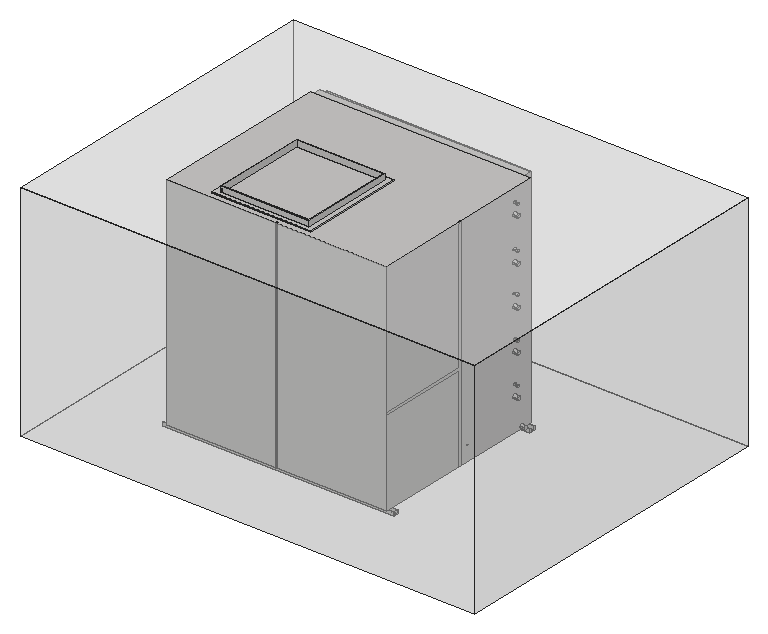
Revit family "outputfile", category 機械設備, Revit 2024
Family settings
  丸型コネクタ寸法 = 半径を使用
  パーツ タイプ = 標準
  OmniClass 番号 = 23.75.10.24.21.27.27
  OmniClass タイトル = Split System Air Conditioning Units
  作業面ベース = いいえ
  常に垂直 = はい
  ロード時にボイドで切り取り = いいえ
  注釈の向きを維持 = いいえ
  共有 = いいえ
  部屋計算ポイント = はい
Parameters (values of type "FBVN750H5BY1X")
  Description = ""
  書き出し IFC クラス(タイプ) = "IfcUnitaryEquipmentType"
  定義済み IFC タイプ(タイプ) = "AIRCONDITIONINGUNIT"
  Cost = 0
  Type Comments = ""
  Keynote = ""
  Type Image = (empty or 0)
  Assembly Code = ""
  switch_frequency = yes
  lw_power = 1050 mm
  lw_box_front = lw_box - 2 mm  # 93 mm
  lw_box = 95 mm
  lw_SA = 887.5 mm
  lw_RA = 1057 mm
  lh_liquidpipe_5 = 477 mm
  lh_liquidpipe_4 = 876 mm
  lh_liquidpipe_3 = 1275 mm
  lh_liquidpipe_2 = 1665 mm
  lh_height_SA = 939 mm
  lh_ld_mountinghole_height = 35 mm
  lh_height_RA = 2037 mm
  lh_hangerfixture = 35 mm
  lh_gaspipe_5 = 367 mm
  lh_gaspipe_4 = 766 mm
  lh_gaspipe_3 = 1165 mm
  lh_gaspipe_2 = 1555 mm
  lh_frontpanel_bottom = 35 mm
  lh_frontpanel = 2162 mm
  lh_circlevoid = 185 mm
  lh_box_top = 540 mm
  lh_box = 350 mm
  lh_SA = 2257 mm
  lh_RA = 1143.5 mm
  ld_void = 658 mm
  ld_frontpanel = 0 mm
  ld_depth_SA = 569.5 mm
  ld_depth_RA = 130 mm
  ld_circlevoid = 90 mm
  ld_box_left = 940 mm
  ld_box = 490 mm
  connector_voltage = 0 V
  connector_powerinput = [Power Input (Cooling)]  # 78.640 kW
  connector_phase = 1
  製造元 = "Daikin"
  モデル = "FBVN750H5BY1X"
  w_pipe = 33 mm
  r_Liquid Pipe Size = Liquid Pipe Size / 2  # 7.95 mm
  r_Gas Pipe Size = Gas Pipe Size / 2  # 17.45 mm
  r_Drain Pipe Size = Drain Pipe Size / 2  # 17.0 mm
  lw_powersupply = lw_power  # 1050 mm
  lw_width_RA = 2004 mm
  lw_width_SA = 873 mm
  lh_suctionflange [instance] = 100 mm
  ld_suctionflange [instance] = 190 mm
  ld_powersupply = 200 mm
  angle_vertical_RA [instance] = 90.00°
  angle horizontal_RA [instance] = 180.00°
  Voltage_comment_50Hz = "380 - 415"
  Voltage_50Hz = 400 V
  URL = ""
  Sound Power Level_H speed (dB) = 0
  Phase_50Hz = 3
  Minimum External Static Pressure = 0.00 Pa
  Minimum Circuit Amps_50Hz = 0.0 A
  Maximum Fuse Amps_50Hz = 0.0 A
  Maximum External Static Pressure = 350.00 Pa
  Material_Casing = DAIKIN_GalvanizedSteel_Casing_indoorunit
  lw_liquidpipe = 1137 mm
  lw_gaspipe = 1137 mm
  lw_mountinghole_pitch = 2234 mm
  lw_mountinghole = 2274 mm
  lw_drainpipe = 1137 mm
  lh_powersupply = 1307 mm
  lh_liquidpipe = 2085 mm
  lh_gaspipe = 1975 mm
  lh_mountinghole = 2.3 mm
  lh_drainpipe = 69.6 mm
  lh_antena = Height - lh_mountinghole + 1 mm  # 2195.7 mm
  ld_liquidpipe = 670.5 mm
  ld_gaspipe = 670.5 mm
  ld_mountinghole_pitch = 1680 mm
  ld_drainpipe = 758.5 mm
  ld_controlbox = 626 mm
  h*** = 0 mm  # constant formula
  d_dischargeflange = 60 mm
  Width = 2174 mm
  Version = "ver.1.0"
  Unit Type = "Duct"
  Unit Mass Weight = 946.00 kg
  Unit Designation [instance] = ""
  Uniclass2015Version = "Products v1.30"
  Uniclass2015Title = "Split coil room air conditioning units"
  Uniclass2015Code = "Pr_70_65_03_86"
  Total Cooling Capacity [instance] = 0.000 kW
  Sound Pressure Level_M speed (dBA) = 0
  Sound Pressure Level_L speed (dBA) = 0
  Sound Pressure Level_H speed (dBA) = 71
  Series = "Package Aircon_Fan Coil Unit"
  Sensible Cooling Capacity [instance] = 0.000 kW
  SA Duct Size Width = 873 mm
  SA Duct Size Height = 939 mm
  Refrigerant Type = "R410A"
  RA Duct Size Width = 2004 mm
  RA Duct Size Height = 2037 mm
  Power Input (Cooling) = 78.640 kW
  Option Accessory 3 [instance] = ""
  Option Accessory 2 [instance] = ""
  Option Accessory 1 [instance] = ""
  Nominal Cooling Capacity = 219.900 kW
  Minimum Airflow = 0.00 m³/h
  Median Airflow = 0.00 m³/h
  Maximum Airflow = 38228.00 m³/h
  Load Classification = HVAC
  Liquid Pipe Size = 15.9 mm
  Link_Nested Family [instance] = ""
  IfcVersion = ""
  IfcExportType = "AIRCONDITIONINGUNIT"
  IfcExportAs = "IfcUnitaryEquipmentType"
  Height = 2197 mm
  Heat Exchanger Type = "Cross Fin Coil"
  Gas Pipe Size = 34.9 mm
  Frequency_50Hz = 50 Hz
  Fan Type = "Sirocco Fan"
  Fan Drive = "-"
  FCU Tag No. [instance] = ""
  Drain Pipe Size = 34.0 mm
  Design Supply Airflow [instance] = 0.00 m³/h
  Design Return Airflow [instance] = 0.00 m³/h
  Design External Static Pressure [instance] = 0.00 Pa
  Depth = 1775 mm
  既定の高さ = 0 mm
  Cooling Entering Wet Bulb Temperature [instance] = 0.00 °C
  Cooling Entering Dry Bulb Temperature [instance] = 0.00 °C
  Cooling Ambient Wet Bulb Temperature [instance] = 0.00 °C
  Cooling Ambient Dry Bulb Temperature [instance] = 0.00 °C
  Clearance visibility [instance] = yes
  Clearance Top = 0 mm
  Clearance Right = 1500 mm
  Clearance Rear = 800 mm
  Clearance Left = 800 mm
  Clearance Front = 800 mm
  Clearance Bottom = 0 mm
Reference planes
  plane 1 "Center (Front/Back)": y = 0
  plane 2: z = 0
  plane 3 "Center (Left/Right)": x = 0
  plane 4 "Back": y = 887.5
  plane 5 "Front": y = -887.5
  plane 6 "Left": x = -1087
  plane 7 "Right": x = 1087
  plane 8 "Top": z = 0
  plane 9 "Bottom": z = -2197
  plane 10: z = -112
  plane 11: z = -222
  plane 12: x = -1117
  plane 13: x = 1117
  plane 14: x = 1137
  plane 15: x = 1137
  plane 16: z = -2194.7
  plane 17 "Clearance Left": x = -1887
  plane 18 "Clearance Right": x = 2587
  plane 19 "Clearance Rear": y = 1687.5
  plane 20 "Clearance Front": y = -1687.5
  plane 21 "Clearance Bottom": z = -2197
  plane 22: z = -2127.4
  plane 23 "ld_gas": y = 670.5
  plane 24: y = 670.5
  plane 25: y = -30
  plane 26: y = 758.5
  plane 27: y = 697.5
  plane 28: x = 1137
  plane 29: y = 840
  plane 30: y = -840
  plane 31: y = -318
  plane 32: y = 1017.5
  plane 33 "Clearance Top": z = 0
  plane 34: z = -890
  plane 35: y = 200
  plane 36 "hangerfixture": z = -2162
  plane 37 "lh_SA": z = 60
  plane 38 "lh_RA": z = -1053.5
  plane 39 "RA_center": x = -30
  plane 40 "box_bottom": z = -890
  plane 41 "box_top": z = -540
  plane 42: x = -8
  plane 43: x = 2
  plane 44: y = -887.5
  plane 45: y = -877.5
  plane 46 "lw_power": x = 1050
  plane 47: z = -532
  plane 48: z = -642
  plane 49: z = -922
  plane 50: z = -1032
  plane 51: z = -2162
  plane 52: z = 0
  plane 53: x = -199.5
  plane 54: z = -1321
  plane 55: z = -1431
  plane 56: z = -1720
  plane 57: z = -1830
Forms (mm)
  Extrusion 1, solid, material "DAIKIN_GalvanizedSteel_Casing_indoorunit" <- "Material_Casing"
    sketch origin (0, -0.8, 0) x (1, 0, 0) y (0, 1, 0)
      loop
        line (-1087, -886.7) -> (1087, -886.7) -> (1087, 888.3) -> (-1087, 888.3) -> (-1087, -886.7)
    from -2162 to 0
  Revolve 2, solid, material "DAIKIN_GalvanizedSteel_Casing_indoorunit" <- "Material_Casing"
    sketch origin (0, 0, -222) x (0, -1, 0) y (1, 0, 0)
      loop
        line (-653.05, 1087) -> (-653.05, 1137) -> (-670.5, 1137) -> (-670.5, 1087) -> (-653.05, 1087)
      axis (-670.5, 1087) -> (-670.5, 1137)
    angle from 0 to 360
  Revolve 3, solid, material "DAIKIN_GalvanizedSteel_Casing_indoorunit" <- "Material_Casing"
    sketch origin (0, 0, -112) x (0, -1, 0) y (1, 0, 0)
      loop
        line (-670.5, 1087) -> (-670.5, 1137) -> (-678.45, 1137) -> (-678.45, 1087) -> (-670.5, 1087)
      axis (-670.5, 1137) -> (-670.5, 1087)
    angle from 0 to 360
  Extrusion 4, solid, material "DAIKIN_GalvanizedSteel_Casing_indoorunit" <- "Material_Casing"
    sketch origin (0, 0, 0) x (0, 1, 0) y (0, 0, 1)
      loop
        circle (758.5, -2127.4) r 17
    from 1137 to 1087
  Extrusion 5, solid, material "DAIKIN_GalvanizedSteel_Casing_indoorunit" <- "Material_Casing"
    sketch origin (0, 0, -2197) x (-1, 0, 0) y (0, -1, 0)
      loop
        line (8, 877.5) -> (8, 887.5) -> (-2, 887.5) -> (-2, 877.5) -> (8, 877.5)
    from 35 to 2197
  Revolve 6, solid, material "DAIKIN_GalvanizedSteel_Casing_indoorunit" <- "Material_Casing"
    sketch origin (0, 0, -642) x (0, -1, 0) y (1, 0, 0)
      loop
        line (-653.05, 1087) -> (-653.05, 1137) -> (-670.5, 1137) -> (-670.5, 1087) -> (-653.05, 1087)
      axis (-670.5, 1087) -> (-670.5, 1137)
    angle from 0 to 360
  Revolve 7, solid, material "DAIKIN_GalvanizedSteel_Casing_indoorunit" <- "Material_Casing"
    sketch origin (0, 0, -532) x (0, -1, 0) y (1, 0, 0)
      loop
        line (-670.5, 1087) -> (-670.5, 1137) -> (-678.45, 1137) -> (-678.45, 1087) -> (-670.5, 1087)
      axis (-670.5, 1137) -> (-670.5, 1087)
    angle from 0 to 360
  Extrusion 8, void
    sketch origin (1087, 0, 0) x (0, 1, 0) y (0, 0, 1)
      loop
        circle (90, -2012) r 12.5
    from -1 to 0
  Revolve 9, solid, material "DAIKIN_GalvanizedSteel_Casing_indoorunit" <- "Material_Casing"
    sketch origin (0, 0, -1032) x (0, -1, 0) y (1, 0, 0)
      loop
        line (-653.05, 1087) -> (-653.05, 1137) -> (-670.5, 1137) -> (-670.5, 1087) -> (-653.05, 1087)
      axis (-670.5, 1087) -> (-670.5, 1137)
    angle from 0 to 360
  Revolve 10, solid, material "DAIKIN_GalvanizedSteel_Casing_indoorunit" <- "Material_Casing"
    sketch origin (0, 0, -922) x (0, -1, 0) y (1, 0, 0)
      loop
        line (-670.5, 1087) -> (-670.5, 1137) -> (-678.45, 1137) -> (-678.45, 1087) -> (-670.5, 1087)
      axis (-670.5, 1137) -> (-670.5, 1087)
    angle from 0 to 360
  Revolve 11, solid, material "DAIKIN_GalvanizedSteel_Casing_indoorunit" <- "Material_Casing"
    sketch origin (0, 0, -1431) x (0, -1, 0) y (1, 0, 0)
      loop
        line (-653.05, 1087) -> (-653.05, 1137) -> (-670.5, 1137) -> (-670.5, 1087) -> (-653.05, 1087)
      axis (-670.5, 1087) -> (-670.5, 1137)
    angle from 0 to 360
  Revolve 12, solid, material "DAIKIN_GalvanizedSteel_Casing_indoorunit" <- "Material_Casing"
    sketch origin (0, 0, -1321) x (0, -1, 0) y (1, 0, 0)
      loop
        line (-670.5, 1087) -> (-662.55, 1087) -> (-662.55, 1137) -> (-670.5, 1137) -> (-670.5, 1087)
      axis (-670.5, 1137) -> (-670.5, 1087)
    angle from 0 to 360
  Extrusion 13, solid, material "DAIKIN_GalvanizedSteel_Casing_indoorunit" <- "Material_Casing"
    sketch origin (1087, 0, 0) x (0, 1, 0) y (0, 0, 1)
      loop
        line (18, 0) -> (-2, 0) -> (-2, -1288.7) -> (-887.5, -1288.7) -> (-887.5, -1311) -> (-2, -1311) -> (-2, -2162) -> (18, -2162) -> (18, 0)
    from 0 to -1
  Revolve 14, solid, material "DAIKIN_GalvanizedSteel_Casing_indoorunit" <- "Material_Casing"
    sketch origin (0, 0, -1830) x (0, -1, 0) y (1, 0, 0)
      loop
        line (-653.05, 1087) -> (-653.05, 1137) -> (-670.5, 1137) -> (-670.5, 1087) -> (-653.05, 1087)
      axis (-670.5, 1087) -> (-670.5, 1137)
    angle from 0 to 360
  Revolve 15, solid, material "DAIKIN_GalvanizedSteel_Casing_indoorunit" <- "Material_Casing"
    sketch origin (0, 0, -1720) x (0, -1, 0) y (1, 0, 0)
      loop
        line (-670.5, 1087) -> (-670.5, 1137) -> (-678.45, 1137) -> (-678.45, 1087) -> (-670.5, 1087)
      axis (-670.5, 1137) -> (-670.5, 1087)
    angle from 0 to 360
Cuts and joins
  Extrusion 8 cuts Extrusion 1
Dimensions and locks
  equal spacing: plane 12, plane 3 "Center (Left/Right)", plane 13
  "lw_mountinghole_pitch": plane 12 to plane 13
  "lh_liquidpipe": plane 10 to plane 9 "Bottom"
  "lh_gaspipe": plane 11 to plane 9 "Bottom"
  equal spacing: plane 6 "Left", plane 3 "Center (Left/Right)", plane 7 "Right"
  "Width": plane 6 "Left" to plane 7 "Right"
  "Clearance Right": plane 7 "Right" to plane 18 "Clearance Right"
  "Clearance Left": plane 17 "Clearance Left" to plane 6 "Left"
  "Clearance Rear": plane 19 "Clearance Rear" to plane 4 "Back"
  "Clearance Front": plane 5 "Front" to plane 20 "Clearance Front"
  "Depth": plane 4 "Back" to plane 5 "Front"
  equal spacing: plane 4 "Back", plane 1 "Center (Front/Back)", plane 5 "Front"
  "ld_suctionflange": plane 4 "Back" to plane 27
  "r_Liquid Pipe Size": nested 5 to Revolve 3 sketch curve
  equal spacing: plane 29, plane 1 "Center (Front/Back)", plane 30
  "ld_mountinghole_pitch": plane 29 to plane 30
  "lw_liquidpipe": plane 3 "Center (Left/Right)" to plane 14
  "lw_gaspipe": plane 3 "Center (Left/Right)" to plane 15
  "lw_drainpipe": plane 3 "Center (Left/Right)" to plane 28
  "lh_drainpipe": plane 22 to plane 9 "Bottom"
  "Clearance Top": plane 33 "Clearance Top" to plane 8 "Top"
  "Clearance Bottom": plane 9 "Bottom" to plane 21 "Clearance Bottom"
  "lh_powersupply": plane 34 to plane 9 "Bottom"
  plane 8 "Top" to level = 0 mm
  "lh_hangerfixture": plane 36 "hangerfixture" to plane 9 "Bottom"
  "lh_SA": plane 37 "lh_SA" to plane 9 "Bottom"
  "ld_depth_RA": plane 32 to plane 4 "Back"
  "lh_RA": plane 38 "lh_RA" to plane 9 "Bottom"
  "lw_RA": plane 6 "Left" to plane 39 "RA_center"
  "lh_box_top": plane 8 "Top" to plane 41 "box_top"
  "lh_box": plane 41 "box_top" to plane 40 "box_bottom"
  plane 42 to plane 3 "Center (Left/Right)" to plane 43 = 8 mm, 2 mm
  "lw_power": plane 3 "Center (Left/Right)" to plane 46 "lw_power"
  "lh_gaspipe_2": plane 48 to plane 9 "Bottom"
  "lh_liquidpipe_2": plane 47 to plane 9 "Bottom"
  "ld_powersupply": plane 1 "Center (Front/Back)" to plane 35
  "ld_drainpipe": plane 26 to plane 1 "Center (Front/Back)"
  "ld_gaspipe": plane 23 "ld_gas" to plane 1 "Center (Front/Back)"
  "r_Gas Pipe Size": plane 23 "ld_gas" to Revolve 6 sketch curve
  "r_Gas Pipe Size": plane 23 "ld_gas" to Revolve 2 sketch curve
  "r_Liquid Pipe Size": Revolve 7 sketch curve to plane 24
  "ld_liquidpipe": plane 24 to plane 1 "Center (Front/Back)"
  "ld_depth_SA": plane 31 to plane 5 "Front"
  "lh_circlevoid": Extrusion 8 sketch curve to plane 9 "Bottom"
  "Height": plane 8 "Top" to plane 9 "Bottom"
  "lh_mountinghole": plane 16 to plane 9 "Bottom"
  "lh_gaspipe_3": plane 50 to plane 9 "Bottom"
  "lh_liquidpipe_3": plane 49 to plane 9 "Bottom"
  "lh_frontpanel_bottom": plane 51 to plane 9 "Bottom"
  "lh_frontpanel": plane 52 to plane 51
  "r_Gas Pipe Size": plane 24 to Revolve 9 sketch curve
  "r_Liquid Pipe Size": Revolve 10 sketch curve to plane 24
  locked: plane 45 to plane 5 "Front" at 10
  "ld_frontpanel": plane 5 "Front" to plane 44
  "lw_SA": plane 6 "Left" to plane 53
  "lh_liquidpipe_4": plane 54 to plane 9 "Bottom"
  "lh_gaspipe_4": plane 55 to plane 9 "Bottom"
  "r_Gas Pipe Size": plane 24 to Revolve 11 sketch curve
  "r_Liquid Pipe Size": plane 24 to Revolve 12 sketch curve
  "ld_circlevoid": Extrusion 8 sketch curve to plane 1 "Center (Front/Back)"
  locked: Extrusion 13 sketch curve to Extrusion 13 sketch curve at 22.3
  locked: Extrusion 13 sketch curve to plane 5 "Front" at 905.5
  locked: Extrusion 13 sketch curve to Extrusion 13 sketch curve at 20
  locked: Extrusion 13 sketch curve to plane 51 at 851
  "lh_gaspipe_5": plane 57 to plane 9 "Bottom"
  "lh_liquidpipe_5": plane 56 to plane 9 "Bottom"
  "r_Liquid Pipe Size": Revolve 15 sketch curve to plane 24
  "r_Gas Pipe Size": plane 24 to Revolve 14 sketch curve
  "r_Drain Pipe Size": radius of Extrusion 4 sketch curve
  diameter of Extrusion 8 sketch curve = 25 mm
  aligned and locked: level to plane 2
  aligned and locked: plane 8 "Top" to Extrusion 1
  aligned and locked: Revolve 2 sketch curve to Revolve 2 sketch curve
  aligned and locked: plane 14 to nested 5
  aligned and locked: nested 5 to plane 10
  aligned and locked: nested 2 to plane 13
  aligned and locked: nested 3 to plane 12
  aligned and locked: plane 12 to nested 4
  aligned and locked: nested 6 to plane 11
  aligned and locked: plane 23 "ld_gas" to nested 6
  aligned and locked: plane 24 to nested 5
  aligned and locked: Extrusion 4 sketch curve to plane 26
  aligned and locked: nested 10 to plane 19 "Clearance Rear"
  aligned and locked: nested 10 to plane 18 "Clearance Right"
  aligned and locked: nested 10 to plane 17 "Clearance Left"
  aligned and locked: nested 10 to plane 20 "Clearance Front"
  aligned and locked: plane 28 to Extrusion 4
  aligned and locked: plane 15 to nested 6
  aligned and locked: plane 13 to nested 1
  aligned and locked: plane 26 to nested 7
  aligned and locked: nested 7 to plane 22
  aligned and locked: nested 7 to plane 28
  aligned and locked: plane 29 to nested 1
  aligned and locked: plane 30 to nested 2
  aligned and locked: nested 4 to plane 29
  aligned and locked: nested 3 to plane 30
  aligned and locked: nested 9 to plane 4 "Back"
  aligned and locked: plane 32 to nested 13
  aligned and locked: nested 10 to plane 33 "Clearance Top"
  aligned and locked: nested 10 to plane 21 "Clearance Bottom"
  aligned and locked: nested 11 to plane 9 "Bottom"
  aligned and locked: plane 36 "hangerfixture" to Extrusion 1
  aligned and locked: Extrusion 1 to plane 5 "Front"
  aligned and locked: Extrusion 1 to plane 4 "Back"
  aligned and locked: plane 38 "lh_RA" to nested 9
  aligned and locked: nested 13 to plane 38 "lh_RA"
  aligned and locked: plane 39 "RA_center" to nested 9
  aligned and locked: nested 13 to plane 39 "RA_center"
  aligned and locked: Extrusion 5 sketch curve to plane 45
  aligned and locked: Extrusion 5 sketch curve to plane 42
  aligned and locked: plane 44 to Extrusion 5 sketch curve
  aligned and locked: plane 43 to Extrusion 5 sketch curve
  aligned and locked: Revolve 6 sketch curve to Revolve 6 sketch curve
  aligned and locked: nested 15 to plane 47
  aligned and locked: nested 16 to plane 48
  aligned and locked: plane 14 to Revolve 7
  aligned and locked: nested 15 to plane 14
  aligned and locked: nested 6 to plane 15
  aligned and locked: nested 14 to plane 35
  aligned and locked: Revolve 2 sketch curve to plane 23 "ld_gas"
  aligned and locked: plane 23 "ld_gas" to nested 16
  aligned and locked: plane 24 to nested 15
  aligned and locked: plane 37 "lh_SA" to nested 12
  aligned and locked: plane 37 "lh_SA" to nested 8
  aligned and locked: plane 31 to nested 12
  aligned and locked: plane 31 to nested 8
  aligned and locked: plane 46 "lw_power" to nested 14
  aligned and locked: nested 14 to plane 34
  aligned and locked: Revolve 9 sketch curve to Revolve 9 sketch curve
  aligned and locked: nested 17 to plane 49
  aligned and locked: nested 18 to plane 50
  aligned and locked: plane 24 to nested 17
  aligned and locked: plane 23 "ld_gas" to nested 18
  aligned and locked: Extrusion 5 to plane 51
  aligned and locked: plane 53 to nested 12
  aligned and locked: plane 53 to nested 8
  aligned and locked: Revolve 11 sketch curve to Revolve 11 sketch curve
  aligned and locked: nested 19 to plane 54
  aligned and locked: nested 20 to plane 55
  aligned and locked: plane 24 to nested 19
  aligned and locked: plane 24 to nested 20
  aligned and locked: Extrusion 4 to plane 7 "Right"
  aligned and locked: Revolve 3 to plane 7 "Right"
  aligned and locked: plane 7 "Right" to Revolve 2
  aligned and locked: Revolve 7 to plane 7 "Right"
  aligned and locked: plane 7 "Right" to Revolve 6
  aligned and locked: Revolve 10 to plane 7 "Right"
  aligned and locked: plane 7 "Right" to Revolve 9
  aligned and locked: plane 7 "Right" to Revolve 12
  aligned and locked: plane 7 "Right" to Revolve 11
  aligned and locked: plane 5 "Front" to Extrusion 13 sketch curve
  aligned and locked: Extrusion 13 sketch curve to plane 8 "Top"
  aligned and locked: plane 51 to Extrusion 13 sketch curve
  aligned and locked: Extrusion 13 sketch curve to Extrusion 13 sketch curve
  aligned and locked: plane 8 "Top" to Extrusion 5
  aligned and locked: Revolve 14 sketch curve to Revolve 14 sketch curve
  aligned and locked: nested 22 to plane 56
  aligned and locked: nested 23 to plane 57
Automatic sketch dimensions
  Extrusion 1 sketch curve to plane 4 "Back" = 0 mm
  Extrusion 1 sketch curve to plane 6 "Left" = 0 mm
  Extrusion 1 sketch curve to plane 5 "Front" = 0 mm
  Extrusion 1 sketch curve to plane 7 "Right" = 0 mm
  Revolve 3 sketch curve to plane 7 "Right" = 0 mm
  Revolve 3 sketch curve to plane 23 "ld_gas" = 0 mm  (x2)
  Revolve 3 sketch curve to plane 14 = 0 mm  (x2)
  Revolve 3 sketch curve to Revolve 3 sketch curve = 15 mm
  plane 22 to Extrusion 4 sketch curve = 0 mm
  Revolve 7 sketch curve to plane 7 "Right" = 0 mm
  Revolve 7 sketch curve to plane 23 "ld_gas" = 0 mm  (x2)
  Revolve 7 sketch curve to plane 14 = 0 mm  (x2)
  Revolve 7 sketch curve to Revolve 7 sketch curve = 15 mm
  Revolve 10 sketch curve to plane 7 "Right" = 0 mm
  Revolve 10 sketch curve to plane 23 "ld_gas" = 0 mm  (x2)
  Revolve 10 sketch curve to plane 14 = 0 mm  (x2)
  Revolve 10 sketch curve to Revolve 10 sketch curve = 15 mm
  Revolve 12 sketch curve to plane 7 "Right" = 0 mm
  Revolve 12 sketch curve to plane 23 "ld_gas" = 0 mm  (x2)
  Revolve 12 sketch curve to plane 14 = 0 mm  (x2)
  Revolve 12 sketch curve to Revolve 12 sketch curve = 15 mm
  Revolve 15 sketch curve to plane 7 "Right" = 0 mm
  Revolve 15 sketch curve to plane 14 = 0 mm  (x2)
  Revolve 15 sketch curve to plane 23 "ld_gas" = 0 mm  (x2)
  Revolve 15 sketch curve to Revolve 15 sketch curve = 15 mm
  Revolve 2 sketch curve to plane 7 "Right" = 0 mm
  Revolve 2 sketch curve to plane 14 = 0 mm
  Revolve 2 sketch curve to Revolve 2 sketch curve = 2.003 mm
  plane 14 to Revolve 2 sketch curve = 1.003 mm
  Revolve 6 sketch curve to plane 7 "Right" = 0 mm
  Revolve 6 sketch curve to plane 23 "ld_gas" = 0 mm
  Revolve 6 sketch curve to plane 14 = 0 mm
  Revolve 6 sketch curve to Revolve 6 sketch curve = 2.003 mm
  plane 14 to Revolve 6 sketch curve = 1.003 mm
  Revolve 9 sketch curve to plane 7 "Right" = 0 mm
  Revolve 9 sketch curve to plane 23 "ld_gas" = 0 mm
  Revolve 9 sketch curve to plane 14 = 0 mm
  Revolve 9 sketch curve to Revolve 9 sketch curve = 2.003 mm
  plane 14 to Revolve 9 sketch curve = 1.003 mm
  Revolve 11 sketch curve to plane 7 "Right" = 0 mm
  Revolve 11 sketch curve to plane 23 "ld_gas" = 0 mm
  Revolve 11 sketch curve to plane 14 = 0 mm
  Revolve 11 sketch curve to Revolve 11 sketch curve = 2.003 mm
  plane 14 to Revolve 11 sketch curve = 1.003 mm
  Revolve 14 sketch curve to plane 7 "Right" = 0 mm
  Revolve 14 sketch curve to plane 23 "ld_gas" = 0 mm
  Revolve 14 sketch curve to plane 14 = 0 mm
  Revolve 14 sketch curve to Revolve 14 sketch curve = 2.003 mm
  plane 14 to Revolve 14 sketch curve = 1.003 mm
Nested families
  nested 1: "daikin_mountinghole" at (1117, 840, -2197), Link_Nested Family <- "Link_Nested Family", h_mountinghole <- "lh_mountinghole", l_antenna <- "lh_antena", type "daikin_mountinghole"
    with show yes, l_antenna 2195.7 mm, h_mountinghole 2.3 mm, Link_Nested Family "", d_circle 23 mm
  nested 2: "daikin_mountinghole" at (1117, -840, -2197), Link_Nested Family <- "Link_Nested Family", h_mountinghole <- "lh_mountinghole", l_antenna <- "lh_antena", type "daikin_mountinghole"
    with show yes, l_antenna 2195.7 mm, h_mountinghole 2.3 mm, Link_Nested Family "", d_circle 23 mm
  nested 3: "daikin_mountinghole" at (-1117, -840, -2197), Link_Nested Family <- "Link_Nested Family", h_mountinghole <- "lh_mountinghole", l_antenna <- "lh_antena", type "daikin_mountinghole"
    with show yes, l_antenna 2195.7 mm, h_mountinghole 2.3 mm, Link_Nested Family "", d_circle 23 mm
  nested 4: "daikin_mountinghole" at (-1117, 840, -2197), Link_Nested Family <- "Link_Nested Family", h_mountinghole <- "lh_mountinghole", l_antenna <- "lh_antena", type "daikin_mountinghole"
    with show yes, l_antenna 2195.7 mm, h_mountinghole 2.3 mm, Link_Nested Family "", d_circle 23 mm
  nested 5: "daikin_connector_rotate2" at (0, 670.5, -112) x (0, 1, 0) z (0, 0, 1), length <- "lw_liquidpipe", built-in parameter 1001364 <- "lh_liquidpipe", radius <- "r_Liquid Pipe Size", type "daikin_connector_rotate2"
    with radius 7.95 mm, length 1137 mm, angle_vertical 90.00°
  nested 6: "daikin_connector_rotate2" at (0, 670.5, -222) x (0, 1, 0) z (0, 0, 1), length <- "lw_gaspipe", built-in parameter 1001364 <- "lh_gaspipe", radius <- "r_Gas Pipe Size", type "daikin_connector_rotate2"
    with radius 17.45 mm, length 1137 mm, angle_vertical 90.00°
  nested 7: "daikin_connector_rotate2" at (0, 758.5, -2127.4) x (0, 1, 0) z (0, 0, 1), built-in parameter 1001364 <- "lh_drainpipe", length <- "lw_drainpipe", radius <- "r_Drain Pipe Size", type "daikin_connector_rotate2"
    with radius 17 mm, length 1137 mm, angle_vertical 90.00°
  nested 8: "daikin_connector_rotate2" at (-199.5, -318, 0) x (1, 0, 0) z (0, 1, 0), length <- "d_dischargeflange", type "daikin_connector_rotate2"
    with radius 10 mm, length 60 mm, angle_vertical 90.00°
  nested 9: "daikin_ductflange_FBVN-H5BY1X" at (-30, 887.5, -1053.5), material <- "Material_Casing", width <- "lw_width_RA", height <- "lh_height_RA", depth <- "ld_depth_RA", type "daikin_ductflange_FBVN-H5BY1X"
    with x 35 mm, width 2004 mm, material DAIKIN_GalvanizedSteel_Casing_indoorunit, height 2037 mm, depth 130 mm
  nested 10: "daikin_clearancespace" at (350, 0, -1098.381), visible <- "Clearance visibility", show <- "Clearance visibility", Link_Nested Family <- "Link_Nested Family", type "daikin_clearancespace"
    with width 4474 mm, show yes, height 2197 mm, depth 3375 mm, Link_Nested Family ""
  nested 11: "daikin_hangerfixture_FBVN-H5BY1X" at (0, 0, -2197), type "daikin_hangerfixture_FBVN-H5BY1X"
  nested 12: "daikin_ductflange_FBVN-H5BY1X_1" at (-199.5, -507.401, 0) x (1, 0, 0) z (0, 1, 0), width <- "lw_width_SA", material <- "Material_Casing", height <- "lh_height_SA", depth <- "d_dischargeflange", type "daikin_ductflange_FBVN-H5BY1X_1"
    with width 873 mm, t 10 mm, material DAIKIN_GalvanizedSteel_Casing_indoorunit, height 939 mm, depth 60 mm
  nested 13: "daikin_connector_rotate2" at (-30, 887.5, -1053.5) x (-1, 0, 0) z (0, 0, 1), length <- "ld_depth_RA", type "daikin_connector_rotate2"
    with radius 10 mm, length 130 mm, angle_vertical 90.00°
  nested 14: "daikin_connector_rotate2" at (1050, 200, -540) x (0, 1, 0) z (1, 0, 0), length <- "lh_box", type "daikin_connector_rotate2"
    with radius 10 mm, length 350 mm, angle_vertical 90.00°
  nested 15: "daikin_connector_rotate2" at (0, 670.5, -532) x (0, 1, 0) z (0, 0, 1), length <- "lw_liquidpipe", built-in parameter 1001364 <- "lh_liquidpipe", radius <- "r_Liquid Pipe Size", type "daikin_connector_rotate2"
    with radius 7.95 mm, length 1137 mm, angle_vertical 90.00°
  nested 16: "daikin_connector_rotate2" at (0, 670.5, -642) x (0, 1, 0) z (0, 0, 1), length <- "lw_gaspipe", built-in parameter 1001364 <- "lh_gaspipe", radius <- "r_Gas Pipe Size", type "daikin_connector_rotate2"
    with radius 17.45 mm, length 1137 mm, angle_vertical 90.00°
  nested 17: "daikin_connector_rotate2" at (0, 670.5, -922) x (0, 1, 0) z (0, 0, 1), length <- "lw_liquidpipe", built-in parameter 1001364 <- "lh_liquidpipe", radius <- "r_Liquid Pipe Size", type "daikin_connector_rotate2"
    with radius 7.95 mm, length 1137 mm, angle_vertical 90.00°
  nested 18: "daikin_connector_rotate2" at (0, 670.5, -1032) x (0, 1, 0) z (0, 0, 1), length <- "lw_gaspipe", built-in parameter 1001364 <- "lh_gaspipe", radius <- "r_Gas Pipe Size", type "daikin_connector_rotate2"
    with radius 17.45 mm, length 1137 mm, angle_vertical 90.00°
  nested 19: "daikin_connector_rotate2" at (0, 670.5, -1321) x (0, 1, 0) z (0, 0, 1), length <- "lw_liquidpipe", built-in parameter 1001364 <- "lh_liquidpipe", radius <- "r_Liquid Pipe Size", type "daikin_connector_rotate2"
    with radius 7.95 mm, length 1137 mm, angle_vertical 90.00°
  nested 20: "daikin_connector_rotate2" at (0, 670.5, -1431) x (0, 1, 0) z (0, 0, 1), length <- "lw_gaspipe", built-in parameter 1001364 <- "lh_gaspipe", radius <- "r_Gas Pipe Size", type "daikin_connector_rotate2"
    with radius 17.45 mm, length 1137 mm, angle_vertical 90.00°
  nested 21: "daikin_connector_rotate2" at (1150, -200, -122) x (0, 1, 0) z (1, 0, 0), length <- "lh_box", type "daikin_connector_rotate2"
    with radius 10 mm, length 350 mm, angle_vertical 90.00°
  nested 22: "daikin_connector_rotate2" at (0, 670.5, -1720) x (0, 1, 0) z (0, 0, 1), length <- "lw_liquidpipe", built-in parameter 1001364 <- "lh_liquidpipe", radius <- "r_Liquid Pipe Size", type "daikin_connector_rotate2"
    with radius 7.95 mm, length 1137 mm, angle_vertical 90.00°
  nested 23: "daikin_connector_rotate2" at (0, 670.5, -1830) x (0, 1, 0) z (0, 0, 1), length <- "lw_gaspipe", built-in parameter 1001364 <- "lh_gaspipe", radius <- "r_Gas Pipe Size", type "daikin_connector_rotate2"
    with radius 17.45 mm, length 1137 mm, angle_vertical 90.00°
Connectors
  piping at (1137, 670.5, -222), diameter 34.9, driven by "r_Gas Pipe Size"
    settings: on nested 6, index 1, connector inside diameter 609.6 mm, connector length 0 mm, flow factor 0, pipe flow 0.00 m³/h, pressure drop 0.0 Pa, fitting loss kfactor 0, connector angle 0.00°, fixture units 0, engagement length 0 mm, angle of deflection 0.00°, flow configuration 1, flow direction 2, fitting loss method 0, system type 29, joint type 0, gender type 0, connector reference index -1, connector utility 0, adjustable connector no, is connector primary yes, connector description "Refrigerant Gas Piping"
  piping at (1137, 670.5, -112), diameter 15.9, driven by "r_Liquid Pipe Size"
    settings: on nested 5, index 2, connector inside diameter 609.6 mm, connector length 0 mm, flow factor 0, pipe flow 0.00 m³/h, pressure drop 0.0 Pa, fitting loss kfactor 0, connector angle 0.00°, fixture units 0, engagement length 0 mm, angle of deflection 0.00°, flow configuration 1, flow direction 1, fitting loss method 0, system type 29, joint type 0, gender type 0, connector reference index -1, connector utility 0, adjustable connector no, is connector primary no, connector description "Refrigerant Liquid Piping"
  piping at (1137, 758.5, -2127.4), diameter 34, driven by "r_Drain Pipe Size"
    settings: on nested 7, index 3, connector inside diameter 609.6 mm, connector length 0 mm, flow factor 0, pipe flow 0.00 m³/h, pressure drop 0.0 Pa, fitting loss kfactor 0, connector angle 0.00°, fixture units 0, engagement length 0 mm, angle of deflection 0.00°, flow configuration 1, flow direction 2, fitting loss method 4, system type 16, joint type 0, gender type 0, connector reference index -1, connector utility 0, adjustable connector no, is connector primary no, connector description "Condensate Drain Piping"
  hvac at (-199.5, -318, 60), driven by "SA Duct Size Height", driven by "SA Duct Size Width"
    settings: on nested 8, index 7, duct flow 0.00 m³/h, flow factor 0, pres drop 0.00 Pa, loss coef 0, conn angle 0.00°, conn width 873.0 mm, conn height 939.0 mm, conn diameter 609.6 mm, duct sys type 1, conn prof type 1, flow config 0, flow direction 2, loss method 4, conn ref index -1, conn util no, is conn primary yes, conn desc "SA Duct"
  hvac at (-30, 1017.5, -1053.5), driven by "RA Duct Size Width", driven by "RA Duct Size Height"
    settings: on nested 13, index 8, duct flow 0.00 m³/h, flow factor 0, pres drop 0.00 Pa, loss coef 0, conn angle 0.00°, conn width 2004.0 mm, conn height 2037.0 mm, conn diameter 609.6 mm, duct sys type 2, conn prof type 1, flow config 0, flow direction 1, loss method 4, conn ref index -1, conn util no, is conn primary no, conn desc "RA Duct"
  electrical at (1050, 200, -890), driven by "Load Classification", driven by "connector_phase", driven by "connector_powerinput", driven by "connector_voltage"
    settings: on nested 14, index 9, voltage 0 V, apparent load 78640 VA, apparent load phase1 0 VA, apparent load phase2 0 VA, apparent load phase3 0 VA, power factor 1, load classification "HVAC", number of poles 1, system type 30, power factor state 1, is connector primary yes, connector utility no, sub classification motor no, connector description "Power Supply"
  piping at (1137, 670.5, -642), diameter 34.9, driven by "r_Gas Pipe Size"
    settings: on nested 16, index 10, connector inside diameter 609.6 mm, connector length 0 mm, flow factor 0, pipe flow 0.00 m³/h, pressure drop 0.0 Pa, fitting loss kfactor 0, connector angle 0.00°, fixture units 0, engagement length 0 mm, angle of deflection 0.00°, flow configuration 1, flow direction 2, fitting loss method 0, system type 29, joint type 0, gender type 0, connector reference index -1, connector utility 0, adjustable connector no, is connector primary no, connector description "Refrigerant Gas Piping"
  piping at (1137, 670.5, -532), diameter 15.9, driven by "r_Liquid Pipe Size"
    settings: on nested 15, index 11, connector inside diameter 609.6 mm, connector length 0 mm, flow factor 0, pipe flow 0.00 m³/h, pressure drop 0.0 Pa, fitting loss kfactor 0, connector angle 0.00°, fixture units 0, engagement length 0 mm, angle of deflection 0.00°, flow configuration 1, flow direction 1, fitting loss method 0, system type 29, joint type 0, gender type 0, connector reference index -1, connector utility 0, adjustable connector no, is connector primary no, connector description "Refrigerant Liquid Piping"
  piping at (1137, 670.5, -1032), diameter 34.9, driven by "r_Gas Pipe Size"
    settings: on nested 18, index 12, connector inside diameter 609.6 mm, connector length 0 mm, flow factor 0, pipe flow 0.00 m³/h, pressure drop 0.0 Pa, fitting loss kfactor 0, connector angle 0.00°, fixture units 0, engagement length 0 mm, angle of deflection 0.00°, flow configuration 1, flow direction 2, fitting loss method 0, system type 29, joint type 0, gender type 0, connector reference index -1, connector utility 0, adjustable connector no, is connector primary no, connector description "Refrigerant Gas Piping"
  piping at (1137, 670.5, -922), diameter 15.9, driven by "r_Liquid Pipe Size"
    settings: on nested 17, index 13, connector inside diameter 609.6 mm, connector length 0 mm, flow factor 0, pipe flow 0.00 m³/h, pressure drop 0.0 Pa, fitting loss kfactor 0, connector angle 0.00°, fixture units 0, engagement length 0 mm, angle of deflection 0.00°, flow configuration 1, flow direction 1, fitting loss method 0, system type 29, joint type 0, gender type 0, connector reference index -1, connector utility 0, adjustable connector no, is connector primary no, connector description "Refrigerant Liquid Piping"
  piping at (1137, 670.5, -1431), diameter 34.9, driven by "r_Gas Pipe Size"
    settings: on nested 20, index 14, connector inside diameter 609.6 mm, connector length 0 mm, flow factor 0, pipe flow 0.00 m³/h, pressure drop 0.0 Pa, fitting loss kfactor 0, connector angle 0.00°, fixture units 0, engagement length 0 mm, angle of deflection 0.00°, flow configuration 1, flow direction 2, fitting loss method 0, system type 29, joint type 0, gender type 0, connector reference index -1, connector utility 0, adjustable connector no, is connector primary no, connector description "Refrigerant Gas Piping"
  piping at (1137, 670.5, -1321), diameter 15.9, driven by "r_Liquid Pipe Size"
    settings: on nested 19, index 15, connector inside diameter 609.6 mm, connector length 0 mm, flow factor 0, pipe flow 0.00 m³/h, pressure drop 0.0 Pa, fitting loss kfactor 0, connector angle 0.00°, fixture units 0, engagement length 0 mm, angle of deflection 0.00°, flow configuration 1, flow direction 1, fitting loss method 0, system type 29, joint type 0, gender type 0, connector reference index -1, connector utility 0, adjustable connector no, is connector primary no, connector description "Refrigerant Liquid Piping"
  piping at (1137, 670.5, -1830), diameter 34.9, driven by "r_Gas Pipe Size"
    settings: on nested 23, index 16, connector inside diameter 609.6 mm, connector length 0 mm, flow factor 0, pipe flow 0.00 m³/h, pressure drop 0.0 Pa, fitting loss kfactor 0, connector angle 0.00°, fixture units 0, engagement length 0 mm, angle of deflection 0.00°, flow configuration 1, flow direction 2, fitting loss method 0, system type 29, joint type 0, gender type 0, connector reference index -1, connector utility 0, adjustable connector no, is connector primary no, connector description "Refrigerant Gas Piping"
  piping at (1137, 670.5, -1720), diameter 15.9, driven by "r_Liquid Pipe Size"
    settings: on nested 22, index 17, connector inside diameter 609.6 mm, connector length 0 mm, flow factor 0, pipe flow 0.00 m³/h, pressure drop 0.0 Pa, fitting loss kfactor 0, connector angle 0.00°, fixture units 0, engagement length 0 mm, angle of deflection 0.00°, flow configuration 1, flow direction 1, fitting loss method 0, system type 29, joint type 0, gender type 0, connector reference index -1, connector utility 0, adjustable connector no, is connector primary no, connector description "Refrigerant Liquid Piping"
Definition of nested family "daikin_ductflange_FBVN-H5BY1X"
  Parameters (values of type "daikin_ductflange_FBVN-H3BY1C")
    x [instance] = 18.5 mm
    width [instance] = 1636 mm
    material [instance] = none
    height [instance] = 747 mm
    depth [instance] = 130 mm
    Default Elevation = 0 mm
  Reference planes
    plane 1 "Center (Front/Back)": y = 0
    plane 2: z = 0
    plane 3 "Center (Left/Right)": x = 0
    plane 4: x = -818
    plane 5: x = 818
    plane 6: z = 373.5
    plane 7: z = -373.5
    plane 8: y = 90
    plane 9: y = 130
    plane 10: x = -813
    plane 11: x = 813
    plane 12: z = -368.5
    plane 13: z = 368.5
    plane 14: x = -836.5
    plane 15: x = 836.5
    plane 16: z = 392
    plane 17: z = -393.5
  Forms (mm)
    Extrusion 1, solid, material <- "material"
      sketch origin (0, 0, 0) x (1, 0, 0) y (0, 0, 1)
        loop
          line (-836.5, 392) -> (-836.5, -393.5) -> (836.5, -393.5) -> (836.5, 392) -> (-836.5, 392)
        loop
          line (-813, 368.5) -> (-813, -368.5) -> (813, -368.5) -> (813, 368.5) -> (-813, 368.5)
      from 0 to -90
    Extrusion 2, solid, material <- "material"
      sketch origin (0, 0, 0) x (1, 0, 0) y (0, 0, 1)
        loop
          line (-818, 373.5) -> (-818, -373.5) -> (818, -373.5) -> (818, 373.5) -> (-818, 373.5)
        loop
          line (813, 368.5) -> (-813, 368.5) -> (-813, -368.5) -> (813, -368.5) -> (813, 368.5)
      from -130 to -90
  Cuts and joins
    joined: Extrusion 1, Extrusion 2
  Dimensions and locks
    equal spacing: plane 5, plane 3 "Center (Left/Right)", plane 4
    "width": plane 5 to plane 4
    equal spacing: plane 6, level, plane 7
    "height": plane 6 to plane 7
    locked: plane 1 "Center (Front/Back)" to plane 8 at 90
    "depth": plane 1 "Center (Front/Back)" to plane 9
    plane 6 to plane 13 = 5 mm
    plane 12 to plane 7 = 5 mm
    plane 5 to plane 11 = 5 mm
    plane 10 to plane 4 = 5 mm
    "x": plane 4 to plane 14
    "x": plane 15 to plane 5
    locked: plane 16 to plane 6 at 18.5
    locked: plane 7 to plane 17 at 20
    aligned and locked: level to plane 2
    aligned and locked: Extrusion 1 to plane 8
    aligned and locked: plane 1 "Center (Front/Back)" to Extrusion 1
    aligned and locked: Extrusion 2 to plane 9
    aligned and locked: Extrusion 2 to Extrusion 1
    aligned and locked: plane 13 to Extrusion 2 sketch curve
    aligned and locked: plane 11 to Extrusion 2 sketch curve
    aligned and locked: Extrusion 2 sketch curve to plane 12
    aligned and locked: Extrusion 2 sketch curve to plane 10
    aligned and locked: Extrusion 1 sketch curve to plane 16
    aligned and locked: plane 14 to Extrusion 1 sketch curve
    aligned and locked: plane 17 to Extrusion 1 sketch curve
    aligned and locked: Extrusion 1 sketch curve to plane 15
  Automatic sketch dimensions
    Extrusion 2 sketch curve to plane 4 = 0 mm
    Extrusion 2 sketch curve to plane 5 = 0 mm
    Extrusion 2 sketch curve to plane 7 = 0 mm
    Extrusion 2 sketch curve to plane 6 = 0 mm
    plane 4 to Extrusion 1 sketch curve = 5 mm
    Extrusion 1 sketch curve to plane 5 = 5 mm
    plane 7 to Extrusion 1 sketch curve = 5 mm
    Extrusion 1 sketch curve to plane 6 = 5 mm
Definition of nested family "daikin_clearancespace"
  Parameters (values of type "daikin_clearancespace")
    Description = "daikin_clearancespace"
    width [instance] = 1823.963 mm
    show [instance] = yes
    material = none
    height [instance] = 1359.762 mm
    depth [instance] = 880 mm
    Default Elevation = 0 mm
    Link_Nested Family [instance] = ""
  Reference planes
    plane 1 "Center (Front/Back)": y = 0
    plane 2 "Center (Elevation)": z = -0.119
    plane 3 "Center (Left/Right)": x = 0
    plane 4: y = 440
    plane 5: y = -440
    plane 6 "Right": x = 911.982
    plane 7 "Left": x = -911.982
    plane 8 "Top": z = 679.762
    plane 9 "Bottom": z = -680
  Forms (mm)
    Extrusion 1, solid, material <- "material", visible <- "show"
      sketch origin (0, 0, 0) x (1, 0, 0) y (0, 1, 0)
        loop
          line (-911.982, 440) -> (-911.982, -440) -> (911.982, -440) -> (911.982, 440) -> (-911.982, 440)
      from -680 to 679.762
  Lines and regions (mm)
    symbolic lines, visible <- "show"
      curve 1: line (911.982, 440, 0) -> (-911.982, 440, 0)
      curve 2: line (-911.982, 440, 0) -> (-911.982, -440, 0)
      curve 3: line (-911.982, -440, 0) -> (911.982, -440, 0)
      curve 4: line (911.982, -440, 0) -> (911.982, 440, 0)
      curve 5: line (911.982, 0, 679.762) -> (-911.982, 0, 679.762)
      curve 6: line (911.982, 0, -680) -> (911.982, 0, 679.762)
      curve 7: line (-911.982, 0, -680) -> (911.982, 0, -680)
      curve 8: line (-911.982, 0, 679.762) -> (-911.982, 0, -680)
      curve 9: line (0, 440, 679.762) -> (0, -440, 679.762)
      curve 10: line (0, -440, 679.762) -> (0, -440, -680)
      curve 11: line (0, 440, -680) -> (0, 440, 679.762)
      curve 12: line (0, -440, -680) -> (0, 440, -680)
  Dimensions and locks
    "width": plane 7 "Left" to plane 6 "Right"
    "depth": plane 4 to plane 5
    "height": plane 8 "Top" to plane 9 "Bottom"
    equal spacing: plane 7 "Left", plane 3 "Center (Left/Right)", plane 6 "Right"
    equal spacing: plane 4, plane 1 "Center (Front/Back)", plane 5
    equal spacing: plane 8 "Top", plane 2 "Center (Elevation)", plane 9 "Bottom"
    aligned and locked: level to plane 2 "Center (Elevation)"
    aligned and locked: Extrusion 1 sketch curve to plane 4
    aligned and locked: plane 7 "Left" to Extrusion 1 sketch curve
    aligned and locked: Extrusion 1 sketch curve to plane 5
    aligned and locked: Extrusion 1 sketch curve to plane 6 "Right"
    aligned and locked: plane 8 "Top" to Extrusion 1
    aligned and locked: curve 1 to Extrusion 1
    aligned and locked: curve 2 to Extrusion 1
    aligned and locked: curve 3 to Extrusion 1
    aligned and locked: curve 4 to Extrusion 1
    aligned and locked: curve 5 to Extrusion 1
    aligned and locked: curve 6 to Extrusion 1
    aligned and locked: curve 7 to Extrusion 1
    aligned and locked: curve 8 to Extrusion 1
    aligned and locked: curve 9 to Extrusion 1
    aligned and locked: curve 10 to Extrusion 1
    aligned and locked: curve 11 to Extrusion 1
    aligned and locked: curve 12 to Extrusion 1
    aligned and locked: Extrusion 1 to plane 9 "Bottom"
Definition of nested family "daikin_hangerfixture_FBVN-H5BY1X"
  Parameters (values of type "daikin_hangerfixture_FBVN-H3BY1C")
    width = 2234 mm
    material = none
    height = 35 mm
    e = 40 mm
    depth = 1680 mm
    Default Elevation = 0 mm
    G = 2274 mm
    E = 50 mm
  Reference planes
    plane 1 "Center (Front/Back)": y = 0
    plane 2: z = 0
    plane 3 "Center (Left/Right)": x = 0
    plane 4: x = 1117
    plane 5: x = -1117
    plane 6: z = 35
    plane 7: y = 840
    plane 8: y = -840
    plane 9: x = -1137
    plane 10: x = 1137
    plane 11: y = 880
    plane 12: y = -880
  Forms (mm)
    Extrusion 1, solid
      sketch origin (0, 0, 0) x (0, 1, 0) y (0, 0, 1)
        loop
          line (-864.5, 35) -> (-864.5, 0) -> (-814.5, 0) -> (-814.5, 35) -> (-816.8, 35) -> (-816.8, 2.3) -> (-862.2, 2.3) -> (-862.2, 35) -> (-864.5, 35)
        loop
          line (864.5, 35) -> (862.2, 35) -> (862.2, 2.3) -> (816.8, 2.3) -> (816.8, 35) -> (814.5, 35) -> (814.5, 0) -> (864.5, 0) -> (864.5, 35)
      from -1137 to 1137
    Extrusion 2, void
      sketch origin (0, 0, 0) x (1, 0, 0) y (0, 1, 0)
        loop
          circle (-1117, 840) r 7.5
        loop
          circle (-1117, -840) r 7.5
        loop
          circle (1117, -840) r 7.5
        loop
          circle (1117, 840) r 7.5
      from 0 to 9
  Cuts and joins
    Extrusion 2 cuts Extrusion 1
  Dimensions and locks
    "width": plane 5 to plane 4
    equal spacing: plane 5, plane 3 "Center (Left/Right)", plane 4
    "depth": plane 8 to plane 7
    equal spacing: plane 8, plane 1 "Center (Front/Back)", plane 7
    "height": plane 6 to level
    "e": plane 7 to plane 11
    "e": plane 12 to plane 8
    equal spacing: plane 9, plane 3 "Center (Left/Right)", plane 10
    "G": plane 9 to plane 10
    aligned and locked: level to plane 2
    aligned and locked: Extrusion 1 to plane 9
    aligned and locked: plane 10 to Extrusion 1
    aligned and locked: plane 7 to Extrusion 2 sketch curve  (x2)
    aligned and locked: plane 5 to Extrusion 2 sketch curve  (x2)
    aligned and locked: plane 8 to Extrusion 2 sketch curve  (x2)
    aligned and locked: plane 4 to Extrusion 2 sketch curve  (x2)
  Automatic sketch dimensions
    Extrusion 1 sketch curve to plane 6 = 0 mm  (x4)
    Extrusion 1 sketch curve to level = 0 mm  (x2)
    Extrusion 1 sketch curve to plane 12 = 15.5 mm
    Extrusion 1 sketch curve to Extrusion 1 sketch curve = 2.3 mm  (x4)
    level to Extrusion 1 sketch curve = 2.3 mm  (x2)
    Extrusion 1 sketch curve to plane 8 = 23.2 mm
    plane 7 to Extrusion 1 sketch curve = 25.5 mm
    plane 11 to Extrusion 1 sketch curve = 17.8 mm
    radius of Extrusion 2 sketch curve = 7.5 mm  (x4)
Definition of nested family "daikin_ductflange_FBVN-H5BY1X_1"
  Parameters (values of type "daikin_ductflange_2FDN200HTL_1")
    width [instance] = 474 mm
    t [instance] = 10 mm
    material [instance] = none
    height [instance] = 408 mm
    depth [instance] = 60 mm
    Default Elevation = 0 mm
  Reference planes
    plane 1 "Center (Front/Back)": y = 0
    plane 2: z = 189.401
    plane 3 "Center (Left/Right)": x = 0
    plane 4: y = 0
    plane 5: y = -60
    plane 6: y = -10
    plane 7: z = 393.401
    plane 8: z = -14.599
    plane 9: x = -227
    plane 10: x = 227
    plane 11: x = -237
    plane 12: x = 237
    plane 13: z = 383.401
    plane 14: z = -4.599
    plane 15: x = -287
    plane 16: z = 433.401
    plane 17: z = -54.599
    plane 18: x = 287
  Forms (mm)
    Extrusion 1, solid, material <- "material"
      sketch origin (0, 0, 0) x (1, 0, 0) y (0, 0, 1)
        loop
          line (-237, 393.401) -> (-237, -14.599) -> (237, -14.599) -> (237, 393.401) -> (-237, 393.401)
        loop
          line (-227, 383.401) -> (-227, -4.599) -> (227, -4.599) -> (227, 383.401) -> (-227, 383.401)
      from 10 to 60
    Extrusion 2, solid, material <- "material"
      sketch origin (0, 0, 0) x (1, 0, 0) y (0, 0, 1)
        loop
          line (-287, 433.401) -> (-287, -54.599) -> (287, -54.599) -> (287, 433.401) -> (-287, 433.401)
        loop
          line (-227, 383.401) -> (-227, -4.599) -> (227, -4.599) -> (227, 383.401) -> (-227, 383.401)
      from 0 to 10
  Cuts and joins
    joined: Extrusion 1, Extrusion 2
  Dimensions and locks
    plane 4 to plane 1 "Center (Front/Back)" = 0 mm
    "depth": plane 5 to plane 4
    plane 6 to plane 4 = 10 mm
    equal spacing: plane 7, level, plane 8
    "height": plane 7 to plane 8
    equal spacing: plane 10, plane 3 "Center (Left/Right)", plane 9
    "t": plane 9 to plane 11
    "t": plane 12 to plane 10
    "t": plane 7 to plane 13
    "t": plane 14 to plane 8
    plane 11 to plane 15 = 50 mm
    plane 18 to plane 12 = 50 mm
    plane 16 to plane 7 = 40 mm
    plane 8 to plane 17 = 40 mm
    "width": plane 12 to plane 11
    aligned and locked: level to plane 2
    aligned and locked: Extrusion 1 sketch curve to plane 7
    aligned and locked: plane 11 to Extrusion 1 sketch curve
    aligned and locked: plane 8 to Extrusion 1 sketch curve
    aligned and locked: Extrusion 1 sketch curve to plane 12
    aligned and locked: Extrusion 1 sketch curve to plane 13
    aligned and locked: plane 9 to Extrusion 1 sketch curve
    aligned and locked: plane 14 to Extrusion 1 sketch curve
    aligned and locked: Extrusion 1 sketch curve to plane 10
    aligned and locked: plane 6 to Extrusion 1
    aligned and locked: Extrusion 1 to plane 5
    aligned and locked: Extrusion 2 sketch curve to plane 16
    aligned and locked: plane 15 to Extrusion 2 sketch curve
    aligned and locked: plane 17 to Extrusion 2 sketch curve
    aligned and locked: Extrusion 2 sketch curve to plane 18
    aligned and locked: Extrusion 2 sketch curve to Extrusion 1  (x4)
    aligned and locked: Extrusion 2 to plane 1 "Center (Front/Back)"
    aligned and locked: Extrusion 2 to plane 6
  Automatic sketch dimensions
    Extrusion 2 sketch curve to plane 15 = 0 mm
Definition of nested family "daikin_mountinghole"
  Parameters (values of type "daikin_mountinghole")
    Default Elevation = 1219.2 mm
    Type Comments = "mountinghole"
    show [instance] = yes
    material = none
    l_centerline = 100 mm
    l_antenna [instance] = 100 mm
    h_mountinghole [instance] = 0 mm
    d_circle = 30 mm
    Link_Nested Family [instance] = ""
  Reference planes
    plane 1 "Center (Front/Back)": y = 0
    plane 2: z = 0
    plane 3 "Center (Left/Right)": x = 0
    plane 4: y = 50
    plane 5: x = -50
    plane 6: x = 50
    plane 7: y = -50
    plane 8 "h_mountinghole": z = 0
    plane 9: z = 100
  Lines and regions (mm)
    model lines, detail levels fine
      curve 1: circle (0, 0, 0) r 15 normal (0, 0, 1)
      curve 2: line (-50, 0, 0) -> (50, 0, 0)
      curve 3: line (0, 50, 0) -> (0, -50, 0)
    symbolic lines, detail levels fine
      curve 4: circle (0, 0, 0) r 15 normal (0, 0, 1)
      curve 5: line (-50, 0, 0) -> (50, 0, 0)
      curve 6: line (0, 50, 0) -> (0, -50, 0)
    model lines
      curve 7: line (0, 0, 100) -> (0, 0, 0)
  Dimensions and locks
    equal spacing: plane 4, plane 1 "Center (Front/Back)", plane 7
    "l_centerline": plane 4 to plane 7
    equal spacing: plane 5, plane 3 "Center (Left/Right)", plane 6
    "l_centerline": plane 5 to plane 6
    "l_antenna": plane 9 to plane 8 "h_mountinghole"
    "h_mountinghole": plane 8 "h_mountinghole" to plane 2
    "d_circle": diameter of curve 1
    "d_circle": diameter of curve 4
    aligned and locked: level to plane 2
    aligned and locked: plane 1 "Center (Front/Back)" to curve 1
    aligned and locked: plane 3 "Center (Left/Right)" to curve 1
    aligned and locked: plane 1 "Center (Front/Back)" to curve 2
    aligned and locked: curve 3 to plane 3 "Center (Left/Right)"
    aligned and locked: plane 6 to curve 2
    aligned and locked: plane 5 to curve 2
    aligned and locked: plane 4 to curve 3
    aligned and locked: plane 7 to curve 3
    aligned and locked: plane 1 "Center (Front/Back)" to curve 4
    aligned and locked: plane 3 "Center (Left/Right)" to curve 4
    aligned and locked: plane 6 to curve 5
    aligned and locked: plane 5 to curve 5
    aligned and locked: plane 1 "Center (Front/Back)" to curve 5
    aligned and locked: plane 4 to curve 6
    aligned and locked: plane 7 to curve 6
    aligned and locked: curve 6 to plane 3 "Center (Left/Right)"
    aligned and locked: curve 7 to plane 3 "Center (Left/Right)"
    aligned and locked: plane 9 to curve 7
    aligned and locked: plane 8 "h_mountinghole" to curve 7
Definition of nested family "daikin_connector_rotate2"
  Parameters (values of type "daikin_connector_rotate2")
    show_face = no
    radius [instance] = 10 mm
    length [instance] = 600 mm
    d_surface = 10 mm
    angle_vertical [instance] = 90.00°
    Default Elevation = 0 mm
  Reference planes
    plane 1 "Center (Front/Back)": y = 0
    plane 2: z = 0
    plane 3 "Center (Left/Right)": x = 0
  Forms (mm)
    Extrusion 1, solid, visible <- "show_face"
      sketch origin (0, -600, 0) x (1, 0, 0) y (0, 0, 1)
        loop
          circle (0, 0) r 10
      from 0 to -10
  Lines and regions (mm)
    reference lines
      curve 1: line (0, 0, 0) -> (0, -600, 0)
    symbolic lines
      curve 2: circle (0, 0, 0) r 5 normal (0, 0, 1)
    model lines, visible <- "show_face"
      curve 3: line (0, 0, 0) -> (0, -600, 0)
  Dimensions and locks
    "length": curve 1 to curve 1
    "length": curve 3 to curve 3
    "d_surface": Extrusion 1 to Extrusion 1
    "radius": radius of Extrusion 1 sketch curve
    "angle_vertical": angle curve 1 to plane 1 "Center (Front/Back)"
    "angle_vertical": angle curve 3 to plane 1 "Center (Front/Back)"
    aligned and locked: level to plane 2
    aligned and locked: plane 1 "Center (Front/Back)" to curve 1
    aligned and locked: plane 2 to curve 1
    aligned and locked: plane 1 "Center (Front/Back)" to curve 2
    aligned and locked: plane 3 "Center (Left/Right)" to curve 2
    aligned and locked: plane 1 "Center (Front/Back)" to curve 3
    aligned and locked: plane 2 to curve 3
    aligned and locked: Extrusion 1 to Extrusion 1
  Automatic sketch dimensions
    Extrusion 1 sketch curve to level = 0 mm
    Extrusion 1 sketch curve to plane 3 "Center (Left/Right)" = 0 mm
    radius of curve 2 = 5 mm
